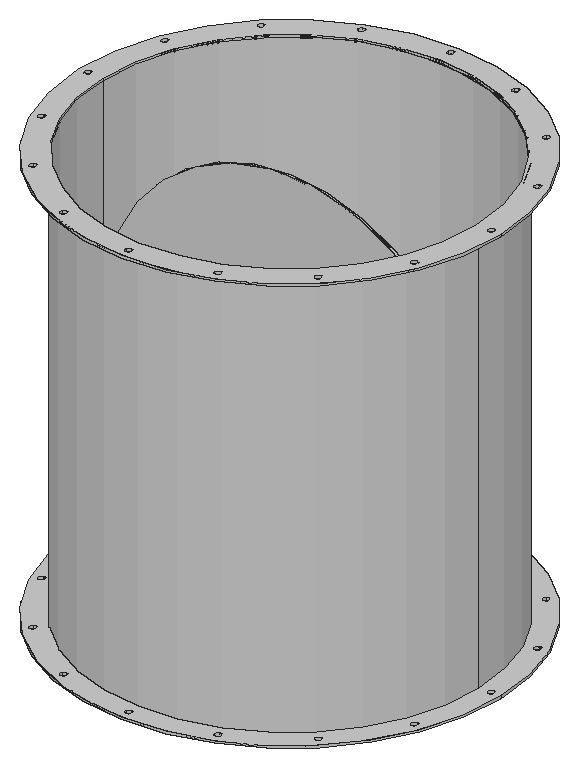
Revit family "КОМ1-ВО", category Арматура воздуховодов, Revit 2021
Family settings
  Размер круглого соединителя = Использовать диаметр
  Тип детали = Присоединяется
  На основе рабочей плоскости = Нет
  Всегда вертикально = Да
  При загрузке вырезать с полостями = Нет
  Общий = Нет
Parameters (values of type "КОМ1-ВО-900")
  Отметка по умолчанию = 0 mm
  Вес = "53.7 кг"
  t = L - 5 mm  # 995 mm
  n = 16
  l = L / 2  # 500 mm
  d = 15 mm
  R1 = D1 / 2  # 485 mm
  Maintenance zone material = none
  Load Classification = "HVAC"
  L = 1000 mm
  Grid Material = Cover Grid Cross
  Dy = 900 mm
  Dn = Dy + 10 mm  # 910 mm
  D2 = 1015 mm
  D1 = 970 mm
  Casing Material = Условный материал-отделка
  09_System_Name [instance] = ""
  00_20_Type = "КОМ1-ВО-900"
  00_20_Name = "Зворотній клапан"
  00_20_Manufacturer = "Вентс"  # constant formula
Types (12, lengths in mm): name | Вес | t | n | l | d | R1 | L | Dy | Dn | D2 | D1 | 00_20_Type
  (no name) | "53.7 кг" | 995 | 16 | 500 | 15 | 485 | 1000 | 900 | 910 | 1015 | 970 | "КОМ1-ВО-900"
  КОМ1-ВО-400 | "8.1 кг" | 495 | 12 | 250 | 8 | 225.045 | 500 | 400 | 410 | 490 | 450.09 | "КОМ1-ВО-400"
  КОМ1-ВО-450 | "9.8 кг" | 545 | 12 | 275 | 8 | 250 | 550 | 450 | 460 | 540 | 500 | "КОМ1-ВО-450"
  КОМ1-ВО-500 | "14.4 кг" | 595 | 12 | 300 | 12 | 280 | 600 | 500 | 510 | 600 | 560 | "КОМ1-ВО-500"
  КОМ1-ВО-560 | "17.5 кг" | 655 | 12 | 330 | 12 | 310 | 660 | 560 | 570 | 660 | 620 | "КОМ1-ВО-560"
  КОМ1-ВО-630 | "21.4 кг" | 725 | 12 | 365 | 12 | 345 | 730 | 630 | 640 | 730 | 690 | "КОМ1-ВО-630"
  КОМ1-ВО-710 | "26.8 кг" | 805 | 16 | 405 | 12 | 385 | 810 | 710 | 720 | 810 | 770 | "КОМ1-ВО-710"
  КОМ1-ВО-800 | "33.2 кг" | 895 | 16 | 450 | 12 | 430 | 900 | 800 | 810 | 900 | 860 | "КОМ1-ВО-800"
  КОМ1-ВО-900 | "53.7 кг" | 995 | 16 | 500 | 15 | 485 | 1000 | 900 | 910 | 1015 | 970 | "КОМ1-ВО-900"
  КОМ1-ВО-1000 | "65 кг" | 1095 | 16 | 550 | 15 | 535 | 1100 | 1000 | 1010 | 1115 | 1070 | "КОМ1-ВО-1000"
  КОМ1-ВО-1120 | "82.1 кг" | 1215 | 20 | 610 | 15 | 595 | 1220 | 1120 | 1130 | 1270 | 1190 | "КОМ1-ВО-1120"
  КОМ1-ВО-1250 | "100.3 кг" | 1345 | 20 | 675 | 15 | 660 | 1350 | 1250 | 1260 | 1400 | 1320 | "КОМ1-ВО-1250"
Reference planes
  plane 1 "По центру (Вперед/Назад)": y = 0
  plane 2: z = 0
  plane 3 "По центру (Влево/Вправо)": x = 0
  plane 4: z = 1000
Forms (mm)
  Extrusion 1, solid, material "Условный материал-отделка" <- "Casing Material"
    sketch origin (0, 0, 0) x (1, 0, 0) y (0, 1, 0)
      loop
        circle (0, 0) r 450
      loop
        circle (0, 0) r 507.5
    from 0 to 5
  Extrusion 2, void
    sketch origin (0, 263.787, 0) x (1, 0, 0) y (0, 1, 0)
      loop
        circle (0, 221.213) r 7.5
    from 0 to 5
  Extrusion 3, void
    sketch origin (100.947, 243.708, 0) x (0.92388, -0.382683, 0) y (0.382683, 0.92388, 0)
      loop
        circle (0, 221.213) r 7.5
    from 0 to 5
  Extrusion 4, void
    sketch origin (-100.947, 243.708, 0) x (0.92388, 0.382683, 0) y (-0.382683, 0.92388, 0)
      loop
        circle (0, 221.213) r 7.5
    from 0 to 5
  Extrusion 5, void
    sketch origin (-186.526, 186.526, 0) x (0.707107, 0.707107, 0) y (-0.707107, 0.707107, 0)
      loop
        circle (0, 221.213) r 7.5
    from 0 to 5
  Extrusion 6, void
    sketch origin (-243.708, 100.947, 0) x (0.382683, 0.92388, 0) y (-0.92388, 0.382683, 0)
      loop
        circle (0, 221.213) r 7.5
    from 0 to 5
  Extrusion 7, void
    sketch origin (-263.787, 0, 0) x (0, 1, 0) y (-1, 0, 0)
      loop
        circle (0, 221.213) r 7.5
    from 0 to 5
  Extrusion 8, void
    sketch origin (-243.708, -100.947, 0) x (-0.382683, 0.92388, 0) y (-0.92388, -0.382683, 0)
      loop
        circle (0, 221.213) r 7.5
    from 0 to 5
  Extrusion 9, void
    sketch origin (-186.526, -186.526, 0) x (-0.707107, 0.707107, 0) y (-0.707107, -0.707107, 0)
      loop
        circle (0, 221.213) r 7.5
    from 0 to 5
  Extrusion 10, void
    sketch origin (-100.947, -243.708, 0) x (-0.92388, 0.382683, 0) y (-0.382683, -0.92388, 0)
      loop
        circle (0, 221.213) r 7.5
    from 0 to 5
  Extrusion 11, void
    sketch origin (0, -263.787, 0) x (-1, 0, 0) y (0, -1, 0)
      loop
        circle (0, 221.213) r 7.5
    from 0 to 5
  Extrusion 12, void
    sketch origin (100.947, -243.708, 0) x (-0.92388, -0.382683, 0) y (0.382683, -0.92388, 0)
      loop
        circle (0, 221.213) r 7.5
    from 0 to 5
  Extrusion 13, void
    sketch origin (186.526, -186.526, 0) x (-0.707107, -0.707107, 0) y (0.707107, -0.707107, 0)
      loop
        circle (0, 221.213) r 7.5
    from 0 to 5
  Extrusion 14, solid, material "Условный материал-отделка" <- "Casing Material"
    sketch origin (0, 0, 0) x (1, 0, 0) y (0, 1, 0)
      loop
        circle (0, 0) r 450
      loop
        circle (0, 0) r 455
    from 5 to 995 <- "t"
  Extrusion 15, solid, material "Условный материал-отделка" <- "Casing Material"
    sketch origin (0, 0, 0) x (1, 0, 0) y (0, 1, 0)
      loop
        circle (0, 0) r 450
      loop
        circle (0, 0) r 507.5
    from 995 to 1000
  Extrusion 16, void
    sketch origin (0, 263.053, 0) x (1, 0, 0) y (0, 1, 0)
      loop
        circle (0, 221.947) r 7.5
    from 995 <- "t" to 1000 <- "L"
  Extrusion 17, void
    sketch origin (100.666, 243.03, 0) x (0.92388, -0.382683, 0) y (0.382683, 0.92388, 0)
      loop
        circle (0, 221.947) r 7.5
    from 995 <- "t" to 1000 <- "L"
  Extrusion 18, void
    sketch origin (-100.666, 243.03, 0) x (0.92388, 0.382683, 0) y (-0.382683, 0.92388, 0)
      loop
        circle (0, 221.947) r 7.5
    from 995 <- "t" to 1000 <- "L"
  Extrusion 19, void
    sketch origin (-186.007, 186.007, 0) x (0.707107, 0.707107, 0) y (-0.707107, 0.707107, 0)
      loop
        circle (0, 221.947) r 7.5
    from 995 <- "t" to 1000 <- "L"
  Extrusion 20, void
    sketch origin (-243.03, 100.666, 0) x (0.382683, 0.92388, 0) y (-0.92388, 0.382683, 0)
      loop
        circle (0, 221.947) r 7.5
    from 995 <- "t" to 1000 <- "L"
  Extrusion 21, void
    sketch origin (-263.053, 0, 0) x (0, 1, 0) y (-1, 0, 0)
      loop
        circle (0, 221.947) r 7.5
    from 995 <- "t" to 1000 <- "L"
  Extrusion 22, void
    sketch origin (-243.03, -100.666, 0) x (-0.382683, 0.92388, 0) y (-0.92388, -0.382683, 0)
      loop
        circle (0, 221.947) r 7.5
    from 995 <- "t" to 1000 <- "L"
  Extrusion 23, void
    sketch origin (-186.007, -186.007, 0) x (-0.707107, 0.707107, 0) y (-0.707107, -0.707107, 0)
      loop
        circle (0, 221.947) r 7.5
    from 995 <- "t" to 1000 <- "L"
  Extrusion 24, void
    sketch origin (-100.666, -243.03, 0) x (-0.92388, 0.382683, 0) y (-0.382683, -0.92388, 0)
      loop
        circle (0, 221.947) r 7.5
    from 995 <- "t" to 1000 <- "L"
  Extrusion 25, void
    sketch origin (0, -263.053, 0) x (-1, 0, 0) y (0, -1, 0)
      loop
        circle (0, 221.947) r 7.5
    from 995 <- "t" to 1000 <- "L"
  Extrusion 26, void
    sketch origin (100.666, -243.03, 0) x (-0.92388, -0.382683, 0) y (0.382683, -0.92388, 0)
      loop
        circle (0, 221.947) r 7.5
    from 995 <- "t" to 1000 <- "L"
  Extrusion 27, void
    sketch origin (186.007, -186.007, 0) x (-0.707107, -0.707107, 0) y (0.707107, -0.707107, 0)
      loop
        circle (0, 221.947) r 7.5
    from 995 <- "t" to 1000 <- "L"
  Extrusion 28, solid, material "Условный материал-отделка" <- "Casing Material"
    sketch origin (0, 0, 0) x (1, 0, 0) y (0, 0, 1)
      loop
        line (-450, 500) -> (450, 500)
        arc (450, 500) -> (0, 950) -> (-450, 500) r 450
    from 2.5 to -2.5
  Extrusion 29, solid, material "Условный материал-отделка" <- "Casing Material"
    sketch origin (0, 0, 0) x (1, 0, 0) y (0, 0, 1)
      loop
        arc (-450, 500) -> (0, 50) -> (450, 500) r 450
        line (450, 500) -> (-450, 500)
    from 2.5 to -2.5
  Extrusion 30, void
    sketch origin (243.708, -100.947, 0) x (-0.382683, -0.92388, 0) y (0.92388, -0.382683, 0)
      loop
        circle (0, 221.213) r 7.5
    from 0 to 5
  Extrusion 31, void
    sketch origin (263.787, 0, 0) x (0, -1, 0) y (1, 0, 0)
      loop
        circle (0, 221.213) r 7.5
    from 0 to 5
  Extrusion 32, void
    sketch origin (243.708, 100.947, 0) x (0.382683, -0.92388, 0) y (0.92388, 0.382683, 0)
      loop
        circle (0, 221.213) r 7.5
    from 0 to 5
  Extrusion 33, void
    sketch origin (186.526, 186.526, 0) x (0.707107, -0.707107, 0) y (0.707107, 0.707107, 0)
      loop
        circle (0, 221.213) r 7.5
    from 0 to 5
  Extrusion 34, void
    sketch origin (243.03, -100.666, 0) x (-0.382683, -0.92388, 0) y (0.92388, -0.382683, 0)
      loop
        circle (0, 221.947) r 7.5
    from 995 <- "t" to 1000 <- "L"
  Extrusion 35, void
    sketch origin (263.053, 0, 0) x (0, -1, 0) y (1, 0, 0)
      loop
        circle (0, 221.947) r 7.5
    from 995 <- "t" to 1000 <- "L"
  Extrusion 36, void
    sketch origin (243.03, 100.666, 0) x (0.382683, -0.92388, 0) y (0.92388, 0.382683, 0)
      loop
        circle (0, 221.947) r 7.5
    from 995 <- "t" to 1000 <- "L"
  Extrusion 37, void
    sketch origin (186.007, 186.007, 0) x (0.707107, -0.707107, 0) y (0.707107, 0.707107, 0)
      loop
        circle (0, 221.947) r 7.5
    from 995 <- "t" to 1000 <- "L"
Cuts and joins
  Extrusion 2, Extrusion 3, Extrusion 4, Extrusion 5, Extrusion 6, Extrusion 7, Extrusion 8, Extrusion 9, Extrusion 10, Extrusion 11, Extrusion 12, Extrusion 13, Extrusion 30, Extrusion 31, Extrusion 32, Extrusion 33 cuts Extrusion 1
  Extrusion 16, Extrusion 17, Extrusion 18, Extrusion 19, Extrusion 20, Extrusion 21, Extrusion 22, Extrusion 23, Extrusion 24, Extrusion 25, Extrusion 26, Extrusion 27, Extrusion 34, Extrusion 35, Extrusion 36, Extrusion 37 cuts Extrusion 15
Dimensions and locks
  "L": level to plane 4
  locked: Extrusion 1 to Extrusion 1 at 5
  locked: Extrusion 15 to Extrusion 15 at 5
  "l": Extrusion 28 sketch curve to level
  equal spacing: level, Extrusion 29 sketch curve, plane 4
  "Dy": diameter of Extrusion 1 sketch curve
  "D2": diameter of Extrusion 1 sketch curve
  "d": diameter of Extrusion 2 sketch curve
  "d": diameter of Extrusion 3 sketch curve
  "d": diameter of Extrusion 4 sketch curve
  "d": diameter of Extrusion 5 sketch curve
  "d": diameter of Extrusion 6 sketch curve
  "d": diameter of Extrusion 7 sketch curve
  "d": diameter of Extrusion 8 sketch curve
  "d": diameter of Extrusion 9 sketch curve
  "d": diameter of Extrusion 10 sketch curve
  "d": diameter of Extrusion 11 sketch curve
  "d": diameter of Extrusion 12 sketch curve
  "d": diameter of Extrusion 13 sketch curve
  "R1": radius of radial array  (x2)
  "Dn": diameter of Extrusion 14 sketch curve
  "Dy": diameter of Extrusion 14 sketch curve
  "Dy": diameter of Extrusion 15 sketch curve
  "D2": diameter of Extrusion 15 sketch curve
  "d": diameter of Extrusion 16 sketch curve
  "d": diameter of Extrusion 17 sketch curve
  "d": diameter of Extrusion 18 sketch curve
  "d": diameter of Extrusion 19 sketch curve
  "d": diameter of Extrusion 20 sketch curve
  "d": diameter of Extrusion 21 sketch curve
  "d": diameter of Extrusion 22 sketch curve
  "d": diameter of Extrusion 23 sketch curve
  "d": diameter of Extrusion 24 sketch curve
  "d": diameter of Extrusion 25 sketch curve
  "d": diameter of Extrusion 26 sketch curve
  "d": diameter of Extrusion 27 sketch curve
  "Dy": diameter of Extrusion 28 sketch curve
  "Dy": diameter of Extrusion 29 sketch curve
  "d": diameter of Extrusion 30 sketch curve
  "d": diameter of Extrusion 31 sketch curve
  "d": diameter of Extrusion 32 sketch curve
  "d": diameter of Extrusion 33 sketch curve
  "d": diameter of Extrusion 34 sketch curve
  "d": diameter of Extrusion 35 sketch curve
  "d": diameter of Extrusion 36 sketch curve
  "d": diameter of Extrusion 37 sketch curve
  aligned and locked: level to plane 2
  aligned and locked: Extrusion 14 to cut or joined group 1 (Extrusion 1, Extrusion 2, Extrusion 3, Extrusion 4, Extrusion 5, Extrusion 6, Extrusion 7, Extrusion 8, Extrusion 9, Extrusion 10, Extrusion 11, Extrusion 12, Extrusion 13, Extrusion 30, Extrusion 31, Extrusion 32, Extrusion 33)
  aligned and locked: plane 4 to Extrusion 15
Automatic sketch dimensions
  Extrusion 1 sketch curve to Extrusion 1 sketch curve = 0 mm  (x2)
  plane 1 "По центру (Вперед/Назад)" to Extrusion 1 sketch curve = 0 mm
  Extrusion 1 sketch curve to plane 3 "По центру (Влево/Вправо)" = 0 mm
  Extrusion 14 sketch curve to Extrusion 14 sketch curve = 0 mm  (x2)
  plane 1 "По центру (Вперед/Назад)" to Extrusion 14 sketch curve = 0 mm
  Extrusion 14 sketch curve to plane 3 "По центру (Влево/Вправо)" = 0 mm
  Extrusion 15 sketch curve to Extrusion 15 sketch curve = 0 mm  (x2)
  plane 1 "По центру (Вперед/Назад)" to Extrusion 15 sketch curve = 0 mm
  Extrusion 15 sketch curve to plane 3 "По центру (Влево/Вправо)" = 0 mm
  Extrusion 28 sketch curve to plane 3 "По центру (Влево/Вправо)" = 0 mm
  Extrusion 29 sketch curve to plane 3 "По центру (Влево/Вправо)" = 0 mm
Connectors
  hvac at (0, 0, 0), driven by "Dy"
    settings: on cut or joined group 1, index 2, duct flow 0.0 L/s, flow factor 0, pres drop 0.0 Pa, loss coef 0, conn angle 0.00°, conn width 304.8 mm, conn height 304.8 mm, conn diameter 900 mm, duct sys type 3, conn prof type 0, flow config 0, flow direction 0, loss method 0, conn ref index -1, conn util no, is conn primary yes, conn desc ""
  hvac at (0, 0, 1000), driven by "Dy"
    settings: on cut or joined group of Extrusion 15, Extrusion 16, Extrusion 17, Extrusion 18, Extrusion 19, Extrusion 20, Extrusion 21, Extrusion 22, Extrusion 23, Extrusion 24, Extrusion 25, Extrusion 26, Extrusion 27, Extrusion 34, Extrusion 35, Extrusion 36, Extrusion 37, index 3, duct flow 0.0 L/s, flow factor 0, pres drop 0.0 Pa, loss coef 0, conn angle 0.00°, conn width 304.8 mm, conn height 304.8 mm, conn diameter 900 mm, duct sys type 3, conn prof type 0, flow config 0, flow direction 0, loss method 0, conn ref index -1, conn util no, is conn primary no, conn desc ""
